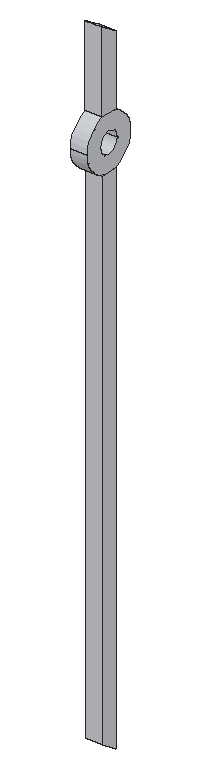
Revit family "M_Balaústre - Personalizado2", category Balaústres, Revit 2019
Family settings
  Número OmniClass = 23.30.80.11.11.14
  Título OmniClass = Posts, Newel Posts, Pickets
  ID de item do Seek = Baluster - Custom2-0000-CAN-ENU
  Sempre na vertical = Sim
  Corte com vazios quando carregada = Não
  Compartilhado = Não
Parameters (values of type "20mm")
  built-in parameter 1008623 [instance] = 32.47°
  built-in parameter 1008625 [instance] = (empty or 0)
  Post = no
  built-in parameter 1008624 [instance] = 32.47°
  Largura = 20 mm
  Material de balaústre = none
  built-in parameter 1008622 [instance] = 762 mm
Types (3, lengths in mm): name | Largura
  (no name) | 20
  25mm | 25
  20mm | 20
Reference planes
  plane 1 "Centro F/T": y = 0
  plane 2: z = 0
  plane 3 "Centro E/D": x = 0
  plane 4 "Superior": z = 762
  plane 5 "Corte do ângulo superior": through (0, 345.134, 542.379) normal (0, -0.5369, -0.8437)
  plane 6: z = 862
  plane 7: z = 609.6
  plane 8: z = 673.1
  plane 9: z = 641.35
  plane 10: z = -100
  plane 11 "Corte ângulo inferior": through (0, 0, 0) normal (0, -0.5369, -0.8437)
  plane 12: y = 50
  plane 13: x = 50
  plane 14: y = -50
  plane 15: x = -50
Forms (mm)
  Extrusion 1, solid, material <- "Material de balaústre"
    sketch origin (0, 0, 0) x (1, 0, 0) y (0, 1, 0)
      loop
        line (-10, 10) -> (-10, -10) -> (10, -10) -> (10, 10) -> (-10, 10)
    from 673.1 to 862
  Extrusion 2, void
    sketch origin (0, 0, 0) x (0, 1, 0) y (0, 0, 1)
      loop
        line (-50, 862) -> (-50, 793.817) -> (50, 730.183) -> (50, 862) -> (-50, 862)
    from -50 to 50
  Extrusion 3, solid, material <- "Material de balaústre"
    sketch origin (0, 0, 0) x (1, 0, 0) y (0, 1, 0)
      loop
        line (-9.525, 10.475) -> (-9.525, -9.525) -> (10.475, -9.525) -> (10.475, 10.475) -> (-9.525, 10.475)
    from -100 to 609.6
  Extrusion 4, solid, material <- "Material de balaústre"
    sketch origin (0, 0, 0) x (0, 1, 0) y (0, 0, 1)
      loop
        circle (0, 641.35) r 31.75
      loop
        circle (0, 641.35) r 12.7
    from -10 to 10
  Extrusion 5, void
    sketch origin (0, 0, 0) x (0, 1, 0) y (0, 0, 1)
      loop
        line (-50, -100) -> (50, -100) -> (50, -31.817) -> (-50, 31.817) -> (-50, -100)
    from -50 to 50
Cuts and joins
  Extrusion 2, Extrusion 5 cuts Extrusion 1
  Extrusion 5 cuts Extrusion 3
  Extrusion 5 cuts Extrusion 4
Dimensions and locks
  "built-in parameter 1008622": plane 2 to plane 4 "Superior"
  locked: plane 4 "Superior" to plane 6 at 100
  equal spacing: Extrusion 1 sketch curve, plane 3 "Centro E/D", Extrusion 1 sketch curve
  equal spacing: Extrusion 1 sketch curve, plane 1 "Centro F/T", Extrusion 1 sketch curve
  "Largura": Extrusion 1 sketch curve to Extrusion 1 sketch curve  (x2)
  Extrusion 3 sketch curve to Extrusion 3 sketch curve = 20 mm  (x2)
  "Largura": Extrusion 3 sketch curve to Extrusion 3 sketch curve  (x2)
  locked: plane 7 to plane 8 at 63.5
  equal spacing: plane 7, plane 9, plane 8
  locked: level to plane 10 at 100
  locked: plane 7 to plane 4 "Superior" at 152.4
  locked: plane 15 to plane 3 "Centro E/D" at 50
  locked: plane 3 "Centro E/D" to plane 13 at 50
  locked: plane 1 "Centro F/T" to plane 12 at 50
  locked: plane 14 to plane 1 "Centro F/T" at 50
  "built-in parameter 1008623": angle plane 4 "Superior" to plane 5 "Corte do ângulo superior"
  "built-in parameter 1008624": angle level to plane 11 "Corte ângulo inferior"
  aligned and locked: Extrusion 1 to plane 6
  aligned and locked: Extrusion 3 to plane 7
  aligned and locked: plane 8 to Extrusion 1
  aligned and locked: Extrusion 4 to cut or joined group of Extrusion 1, Extrusion 2, Extrusion 5  (x2)
  aligned and locked: plane 10 to Extrusion 3
  aligned and locked: plane 15 to Extrusion 2
  aligned and locked: Extrusion 2 to plane 13
  aligned and locked: plane 12 to Extrusion 2 sketch curve
  aligned and locked: plane 14 to Extrusion 2 sketch curve
  aligned and locked: plane 6 to Extrusion 2 sketch curve
  aligned and locked: Extrusion 2 sketch curve to plane 5 "Corte do ângulo superior"
  aligned and locked: plane 10 to Extrusion 5 sketch curve
  aligned and locked: plane 14 to Extrusion 5 sketch curve
  aligned and locked: Extrusion 5 sketch curve to plane 12
  aligned and locked: Extrusion 5 sketch curve to plane 11 "Corte ângulo inferior"
  aligned and locked: plane 15 to Extrusion 5
  aligned and locked: Extrusion 5 to plane 13
Automatic sketch dimensions
  Extrusion 3 sketch curve to plane 3 "Centro E/D" = 9.525 mm
  plane 1 "Centro F/T" to Extrusion 3 sketch curve = 9.525 mm
  Extrusion 4 sketch curve to plane 9 = 0 mm  (x2)
  Extrusion 4 sketch curve to plane 1 "Centro F/T" = 0 mm  (x2)
  plane 1 "Centro F/T" to Extrusion 4 sketch curve = 12.7 mm
  Extrusion 4 sketch curve to Extrusion 4 sketch curve = 19.05 mm
